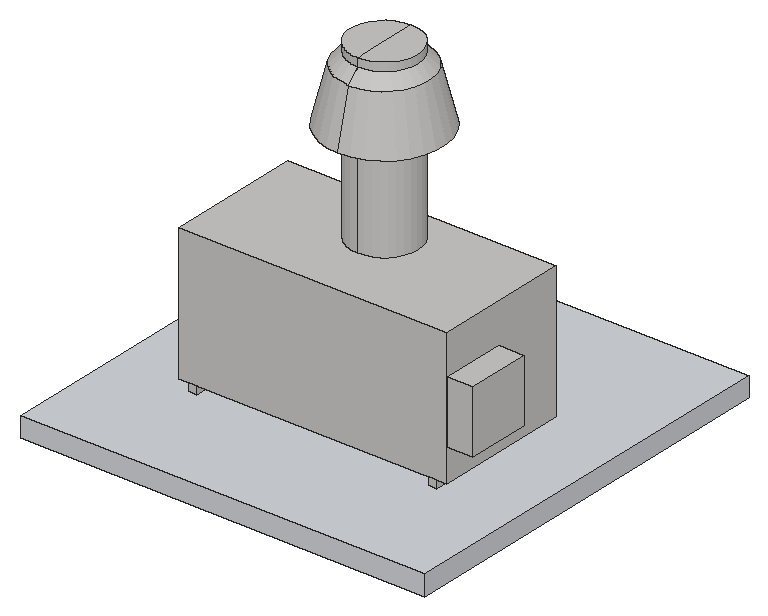
Revit family "DC_Rheem_PLM_Raypak_B1292ID", category Plumbing Fixtures, host Face, Revit 2020
Family settings
  Host = Face
  Round Connector Dimension = Use Radius
  Part Type = Normal
  Cut with Voids When Loaded = No
  Shared = No
  Room Calculation Point = No
Parameters (values of type "Raypak - Gas Water Heater- Indoor - 1289 MJ/h  Natural gas, modulating gas control")
  Width_ANZRS = 825 mm
  URL = "http://www.rheem.com.au/CommercialProducts"
  Type Comments = "Recovery 4902L/h @ 50°C rise\r\n"
  Materials_ANZRS = Raypak - Grey Powder Coated Steel
  PRV_ANZRS = 15 mm
  Model = "B1292NCM/ID\r\n"
  Manufacturer = "Raypak\r\n"
  HotWaterOutlet Radius_ANZRS = 32.5 mm
  HotWaterOutletDiameter_ANZRS = HotWaterOutlet Radius_ANZRS * 2  # 65 mm
  Height_ANZRS = 1915 mm
  GasInletRadius_ANZRS = 20 mm
  GasInletHeight_ANZRS = 410 mm
  GasInletDiameter_ANZRS = GasInletRadius_ANZRS * 2  # 40 mm
  DesignBy_ANZRS = "Design Content ©"
  Description = "Raypak - Gas Water Heater- Indoor - 1289 MJ/h  Natural gas, modulating gas control"
  Default Elevation = 0 mm
  ConnectionHeight_ANZRS = 755 mm
  ColdWaterInletRadius_ANZRS = 32.5 mm
  ColdWaterInletDiameter_ANZRS = ColdWaterInletRadius_ANZRS * 2  # 65 mm
  Box Height_ANZRS = 860 mm
  Author_ANZRS = "DM"
  Assembly Code = ""
Types (5, lengths in mm): name | URL | Type Comments | Model | GasInletRadius_ANZRS | GasInletDiameter_ANZRS | Description
  (no name) | "http://www.rheem.com.au/downloads/PDF/Raypak_Mechanical_Heating_Brochure_July_09.pdf\r\n" | "Recovery 4558L/h @ 50°C rise\r\n" | "B1292PCO/ID\r\n" | 16 | 32 | "Raypak - Gas Water Heater- Indoor - 1186 MJ/h  Propane gas, On/Off gas control\r\n"
  Raypak - Gas Water Heater- Indoor - 1289 MJ/h  Natural gas, modulating gas control | "http://www.rheem.com.au/CommercialProducts" | "Recovery 4902L/h @ 50°C rise\r\n" | "B1292NCM/ID\r\n" | 20 | 40 | "Raypak - Gas Water Heater- Indoor - 1289 MJ/h  Natural gas, modulating gas control"
  Raypak - Gas Water Heater- Indoor - 1289 MJ/h  Natural gas, On/Off gas control | "http://www.rheem.com.au/CommercialProducts" | "Recovery 4902L/h @ 50°C rise\r\n" | "B1292NCO/ID\r\n\r\n" | 20 | 40 | "Raypak - Gas Water Heater- Indoor - 1289 MJ/h  Natural gas, On/Off gas control\r\n"
  Raypak - Gas Water Heater- Indoor - 1186 MJ/h  Propane gas, modulating gas control | "http://www.rheem.com.au/CommercialProducts" | "Recovery 4558L/h @ 50°C rise\r\n" | "B1292PCM/ID\r\n\r\n\r\n" | 10 | 20 | "Raypak - Gas Water Heater- Indoor - 1186 MJ/h  Propane gas, modulating gas control\r\n"
  Raypak - Gas Water Heater- Indoor - 1186 MJ/h  Propane gas, On/Off gas control | "http://www.rheem.com.au/CommercialProducts" | "Recovery 4558L/h @ 50°C rise\r\n" | "B1292PCO/ID\r\n" | 16 | 32 | "Raypak - Gas Water Heater- Indoor - 1186 MJ/h  Propane gas, On/Off gas control\r\n"
Reference planes
  plane 1 "Center (Front/Back)": y = 0
  plane 2: z = 0
  plane 3 "Center (Left/Right)": x = 0
  plane 4 "H1": z = 1915
  plane 5 "H5": z = 860
  plane 6 "CD 1": z = 755
  plane 7 "CD 6": z = 410
  plane 8: y = 285
  plane 9: y = -540
  plane 10 "CD 2": y = 200
  plane 11 "CD 3": y = 130
  plane 12 "CD 4": y = -150
  plane 13 "CD 5": y = -410
  plane 14 "W2": y = 202.5
  plane 15 "W3": y = -202.5
  plane 16: x = -807.5
  plane 17: x = 807.5
  plane 18: x = -857.5
  plane 19 "L1": x = -747.5
  plane 20 "L2": x = -697.5
  plane 21 "L3": x = 697.5
  plane 22 "L4": x = 747.5
  plane 23 "H8": z = 45
  plane 24 "H7": z = 245
  plane 25 "H6": z = 625
  plane 26 "W1": x = 967.5
  plane 27 "H4": z = 1464.364
  plane 28 "H3": z = 1794.164
  plane 29 "H2": z = 1866.464
  plane 30: y = -155
Forms (mm)
  Extrusion 1, solid
    sketch origin (0, 0, 0) x (1, 0, 0) y (0, 1, 0)
      loop
        line (-1219.2, 1219.2) -> (-1219.2, -1219.2) -> (1219.2, -1219.2) -> (1219.2, 1219.2) -> (-1219.2, 1219.2)
    from 0 to -120
  Extrusion 2, solid, material "Raypak - Grey Powder Coated Steel" <- "Materials_ANZRS"
    sketch origin (0, 0, 0) x (1, 0, 0) y (0, 1, 0)
      loop
        line (-807.5, 285) -> (-807.5, -540) -> (807.5, -540) -> (807.5, 285) -> (-807.5, 285)
    from 45 to 860
  Revolve 3, solid, material "Raypak - Grey Powder Coated Steel" <- "Materials_ANZRS"
    sketch origin (0, 0, 105) x (0, 1, 0) y (0, 0, 1)
      loop
        line (0, 1810) -> (-202.5, 1810) -> (-202.5, 1761.464) -> (-266.851, 1689.164) -> (-349.003, 1359.364) -> (-202.5, 1359.364) -> (-202.5, 755) -> (0, 755) -> (0, 1810)
      axis (0, 1810) -> (0, 755)
    angle from 0 to 360
  Extrusion 4, void
    sketch origin (0, 0, 0) x (0, 1, 0) y (0, 0, 1)
      loop
        circle (200, 755) r 15
      loop
        circle (130, 755) r 32.5
      loop
        circle (-150, 755) r 32.5
    from -807.5 to -795.01
  Extrusion 5, solid, material "Raypak - Grey Powder Coated Steel" <- "Materials_ANZRS"
    sketch origin (0, 0, 0) x (0, 1, 0) y (0, 0, 1)
      loop
        circle (-410, 410) r 20
    from -857.5 to -807.5
  Extrusion 6, solid, material "Raypak - Grey Powder Coated Steel" <- "Materials_ANZRS"
    sketch origin (0, 0, 0) x (1, 0, 0) y (0, 0, 1)
      loop
        line (-697.5, 0) -> (-697.5, 45) -> (-747.5, 45) -> (-747.5, 0) -> (-697.5, 0)
      loop
        line (747.5, 0) -> (747.5, 45) -> (697.5, 45) -> (697.5, 0) -> (747.5, 0)
    from -285 to 540
  Extrusion 7, solid, material "Raypak - Grey Powder Coated Steel" <- "Materials_ANZRS"
    sketch origin (0, 0, 0) x (1, 0, 0) y (0, 0, 1)
      loop
        line (807.5, 625) -> (807.5, 245) -> (967.5, 245) -> (967.5, 625) -> (807.5, 625)
    from 155 to 540
Cuts and joins
  Extrusion 4 cuts Extrusion 2
Lines and regions (mm)
  Masking region 1
    outline origin (0, 0, 0) x (1, 0, 0) y (0, 1, 0)
      loop
        line (-807.5, -540) -> (807.5, -540) -> (967.5, -540) -> (967.5, -155) -> (807.5, -155) -> (807.5, 285) -> (201.441, 285)
        arc (201.441, 285) -> (105.682, 332.618) -> (0, 349.003) r 349.003
        arc (0, 349.003) -> (-105.682, 332.618) -> (-201.441, 285) r 349.003
        line (-201.441, 285) -> (-807.5, 285) -> (-807.5, -540)
  Masking region 2
    outline origin (0, 0, 0) x (0, 1, 0) y (0, 0, 1)
      loop
        line (-202.5, 1915) -> (-202.5, 1866.464) -> (-266.851, 1794.164) -> (-349.079, 1464.364) -> (-202.5, 1464.364) -> (-202.5, 860) -> (-540, 860) -> (-540, 0) -> (285, 0) -> (285, 860) -> (202.5, 860) -> (202.5, 1464.364) -> (349.079, 1464.364) -> (266.851, 1794.164) -> (202.5, 1866.464) -> (202.5, 1915) -> (-202.5, 1915)
  Masking region 3
    outline origin (0, 0, 0) x (1, 0, 0) y (0, 0, 1)
      loop
        line (-202.5, 1915) -> (-202.5, 1866.464) -> (-266.851, 1794.164) -> (-349.079, 1464.364) -> (-202.039, 1464.364) -> (-202.039, 860) -> (-807.5, 860) -> (-807.5, 45) -> (-747.5, 45) -> (-747.5, 0) -> (-697.5, 0) -> (-697.5, 45) -> (697.5, 45) -> (697.5, 0) -> (747.5, 0) -> (747.5, 45) -> (807.5, 45) -> (807.5, 245) -> (967.5, 245) -> (967.5, 625) -> (807.5, 625) -> (807.5, 860) -> (204.539, 860) -> (204.539, 1464.364) -> (349.079, 1464.364) -> (266.851, 1794.164) -> (203.249, 1866.464) -> (203.249, 1915) -> (0, 1915) -> (-202.5, 1915)
  symbolic lines, style "Rheem Raypak", detail levels fine
    curve 1: line (0, 285, 0) -> (0, 285, 860)
    curve 2: line (0, 285, 860) -> (0, -540, 860)
    curve 3: line (0, -540, 860) -> (0, -540, 0)
    curve 4: line (0, -349.079, 1464.364) -> (0, 349.079, 1464.364)
    curve 5: line (0, -202.5, 1915) -> (0, 202.5, 1915)
    curve 6: line (0, 266.851, 1794.164) -> (0, -266.851, 1794.164)
    curve 7: line (0, 202.5, 1866.464) -> (0, -202.5, 1866.464)
    curve 8: arc (0, 97.5, 755) -> (0, 130, 722.5) -> (0, 162.5, 755) r 32.5
    curve 9: arc (0, 162.5, 755) -> (0, 130, 787.5) -> (0, 97.5, 755) r 32.5
    curve 10: arc (0, 185, 755) -> (0, 200, 740) -> (0, 215, 755) r 15
    curve 11: arc (0, 215, 755) -> (0, 200, 770) -> (0, 185, 755) r 15
    curve 12: arc (0, -182.5, 755) -> (0, -150, 722.5) -> (0, -117.5, 755) r 32.5
    curve 13: arc (0, -117.5, 755) -> (0, -150, 787.5) -> (0, -182.5, 755) r 32.5
    curve 14: arc (0, -390, 410) -> (0, -410, 390) -> (0, -430, 410) r 20
    curve 15: arc (0, -430, 410) -> (0, -410, 430) -> (0, -390, 410) r 20
    curve 16: line (0, 349.079, 1464.364) -> (0, 266.851, 1794.164)
    curve 17: line (0, -266.851, 1794.164) -> (0, -349.079, 1464.364)
    curve 18: line (0, 202.5, 1866.464) -> (0, 266.851, 1794.164)
    curve 19: line (0, -266.851, 1794.164) -> (0, -202.5, 1866.464)
    curve 20: line (0, -540, 45) -> (0, 285, 45)
    curve 21: line (0, -540, 0) -> (0, 285, 0)
    curve 22: line (-202.5, 0, 1915) -> (203.249, 0, 1915)
    curve 23: line (-202.5, 0, 1866.464) -> (203.249, 0, 1866.464)
    curve 24: line (-266.851, 0, 1794.164) -> (266.851, 0, 1794.164)
    curve 25: line (-349.079, 0, 1464.364) -> (349.079, 0, 1464.364)
    curve 26: line (807.5, 0, 860) -> (-807.5, 0, 860)
    curve 27: line (-807.5, 0, 45) -> (807.5, 0, 45)
    curve 28: line (697.5, 0, 0) -> (747.5, 0, 0)
    curve 29: line (-747.5, 0, 0) -> (-697.5, 0, 0)
    curve 30: line (967.5, 0, 625) -> (807.5, 0, 625)
    curve 31: line (807.5, 0, 245) -> (967.5, 0, 245)
    curve 32: line (967.5, 0, 245) -> (967.5, 0, 625)
    curve 33: line (204.539, 0, 1464.364) -> (204.539, 0, 860)
    curve 34: line (349.079, 0, 1464.364) -> (266.851, 0, 1794.164)
    curve 35: line (203.249, 0, 1915) -> (203.249, 0, 1866.464)
    curve 36: line (-202.5, 0, 1915) -> (-202.5, 0, 1866.464)
    curve 37: line (-349.079, 0, 1464.364) -> (-266.851, 0, 1794.164)
    curve 38: line (-202.039, 0, 1464.364) -> (-202.039, 0, 860)
    curve 39: line (-747.5, 0, 45) -> (-747.5, 0, 0)
    curve 40: line (-697.5, 0, 0) -> (-697.5, 0, 45)
    curve 41: line (747.5, 0, 0) -> (747.5, 0, 45)
    curve 42: line (697.5, 0, 45) -> (697.5, 0, 0)
    curve 43: line (-857.5, 0, 425) -> (-857.5, 0, 395)
    curve 44: line (-857.5, 0, 425) -> (-807.5, 0, 425)
    curve 45: line (-857.5, 0, 395) -> (-807.5, 0, 395)
    curve 46: arc (0, -349.003, 0) -> (349.003, 0, 0) -> (0, 349.003, 0) r 349.003
    curve 47: arc (0, 349.003, 0) -> (-349.003, 0, 0) -> (0, -349.003, 0) r 349.003
    curve 48: arc (0, -202.5, 0) -> (-202.5, 0, 0) -> (0, 202.5, 0) r 202.5
    curve 49: arc (0, -266.851, 0) -> (-266.851, 0, 0) -> (0, 266.851, 0) r 266.851
    curve 50: arc (0, 202.5, 0) -> (202.5, 0, 0) -> (0, -202.5, 0) r 202.5
    curve 51: arc (0, 266.851, 0) -> (266.851, 0, 0) -> (0, -266.851, 0) r 266.851
    curve 52: line (807.5, 285, 0) -> (201.441, 285, 0)
    curve 53: line (-807.5, 285, 0) -> (-807.5, -540, 0)
    curve 54: line (-807.5, -540, 0) -> (807.5, -540, 0)
    curve 55: line (807.5, -540, 0) -> (807.5, 285, 0)
    curve 56: line (967.5, -540, 0) -> (967.5, -155, 0)
    curve 57: line (967.5, -155, 0) -> (807.5, -155, 0)
    curve 58: line (807.5, -540, 0) -> (967.5, -540, 0)
    curve 59: line (-857.5, -395, 0) -> (-857.5, -425, 0)
    curve 60: line (-857.5, -395, 0) -> (-807.5, -395, 0)
    curve 61: line (-857.5, -425, 0) -> (-807.5, -425, 0)
    curve 62: line (0, 202.5, 1915) -> (0, 202.5, 1866.464)
    curve 63: line (0, -202.5, 1915) -> (0, -202.5, 1866.464)
    curve 64: line (0, 202.5, 1464.364) -> (0, 202.5, 860)
    curve 65: line (0, -202.5, 1464.364) -> (0, -202.5, 860)
    curve 66: line (-807.5, 0, 860) -> (-807.5, 0, 45)
    curve 67: line (807.5, 0, 45) -> (807.5, 0, 860)
    curve 68: line (-201.441, 285, 0) -> (-807.5, 285, 0)
  symbolic lines, style "Rheem Raypak"
    curve 69: line (-266.851, 0, 1794.164) -> (-202.5, 0, 1866.464)
    curve 70: line (203.249, 0, 1866.464) -> (266.851, 0, 1794.164)
Dimensions and locks
  "Height_ANZRS": plane 4 "H1" to level
  "Box Height_ANZRS": plane 5 "H5" to level
  "ConnectionHeight_ANZRS": plane 6 "CD 1" to Extrusion 1
  "GasInletHeight_ANZRS": plane 7 "CD 6" to level
  plane 8 to plane 9 = 825 mm
  plane 8 to plane 10 "CD 2" = 85 mm
  plane 8 to plane 11 "CD 3" = 155 mm
  plane 11 "CD 3" to plane 12 "CD 4" = 280 mm
  plane 13 "CD 5" to plane 9 = 130 mm
  plane 1 "Center (Front/Back)" to plane 9 = 540 mm
  locked: plane 19 "L1" to plane 16 at 60
  locked: plane 20 "L2" to plane 19 "L1" at 50
  locked: plane 17 to plane 22 "L4" at 60
  locked: plane 22 "L4" to plane 21 "L3" at 50
  plane 23 "H8" to level = 45 mm
  plane 24 "H7" to level = 245 mm
  locked: plane 25 "H6" to plane 24 "H7" at 380
  locked: plane 17 to plane 26 "W1" at 160
  plane 4 "H1" to plane 29 "H2" to plane 28 "H3" to plane 27 "H4" = 48.536 mm locked, 72.3 mm locked, 329.8 mm locked
  plane 14 "W2" to plane 15 "W3" = 405 mm
  plane 17 to plane 16 = 1615 mm
  locked: plane 16 to plane 18 at 50
  equal spacing: plane 17, plane 3 "Center (Left/Right)", plane 16
  "GasInletRadius_ANZRS": radius of Extrusion 5 sketch curve
  "HotWaterOutlet Radius_ANZRS": radius of Extrusion 4 sketch curve
  "ColdWaterInletRadius_ANZRS": radius of Extrusion 4 sketch curve
  "PRV_ANZRS": radius of Extrusion 4 sketch curve
  aligned and locked: plane 2 to Extrusion 1
  aligned and locked: level to Extrusion 1
  aligned and locked: plane 8 to Extrusion 2 sketch curve
  aligned and locked: plane 16 to Extrusion 2 sketch curve
  aligned and locked: plane 9 to Extrusion 2 sketch curve
  aligned and locked: plane 17 to Extrusion 2 sketch curve
  aligned and locked: plane 5 "H5" to Extrusion 2
  aligned and locked: Revolve 3 sketch curve to plane 1 "Center (Front/Back)"
  aligned and locked: plane 11 "CD 3" to Extrusion 4 sketch curve
  aligned and locked: plane 10 "CD 2" to Extrusion 4 sketch curve
  aligned and locked: plane 6 "CD 1" to Extrusion 4 sketch curve  (x3)
  aligned and locked: Extrusion 4 to plane 16
  aligned and locked: plane 7 "CD 6" to Extrusion 5 sketch curve
  aligned and locked: plane 13 "CD 5" to Extrusion 5 sketch curve
  aligned and locked: plane 16 to Extrusion 5
  aligned and locked: Extrusion 5 to plane 18
  aligned and locked: Extrusion 2 to plane 23 "H8"
  aligned and locked: level to Extrusion 6 sketch curve  (x2)
  aligned and locked: Extrusion 6 sketch curve to plane 20 "L2"
  aligned and locked: Extrusion 6 sketch curve to plane 23 "H8"  (x2)
  aligned and locked: plane 19 "L1" to Extrusion 6 sketch curve
  aligned and locked: Extrusion 6 sketch curve to plane 22 "L4"
  aligned and locked: plane 21 "L3" to Extrusion 6 sketch curve
  aligned and locked: Extrusion 6 to plane 8
  aligned and locked: Extrusion 6 to plane 9
  aligned and locked: Extrusion 7 sketch curve to plane 25 "H6"
  aligned and locked: Extrusion 7 sketch curve to plane 26 "W1"
  aligned and locked: Extrusion 7 sketch curve to plane 24 "H7"
  aligned and locked: cut or joined group of Extrusion 2, Extrusion 4 to Extrusion 7 sketch curve
  aligned and locked: Extrusion 7 to plane 9
  aligned and locked: plane 12 "CD 4" to Extrusion 4 sketch curve
  aligned and locked: Revolve 3 sketch curve to plane 4 "H1"
  aligned and locked: plane 5 "H5" to Revolve 3 sketch curve
  aligned and locked: plane 27 "H4" to Revolve 3 sketch curve
  aligned and locked: plane 29 "H2" to Revolve 3 sketch curve
  aligned and locked: curve 1 to cut or joined group of Extrusion 2, Extrusion 4
  aligned and locked: curve 2 to cut or joined group of Extrusion 2, Extrusion 4
  aligned and locked: curve 3 to cut or joined group of Extrusion 2, Extrusion 4
  aligned and locked: curve 4 to Revolve 3
  aligned and locked: Revolve 3 to curve 5
  aligned and locked: curve 6 to Revolve 3
  aligned and locked: Revolve 3 to curve 7
  aligned and locked: curve 8 to cut or joined group of Extrusion 2, Extrusion 4
  aligned and locked: curve 9 to cut or joined group of Extrusion 2, Extrusion 4
  aligned and locked: curve 10 to cut or joined group of Extrusion 2, Extrusion 4
  aligned and locked: curve 11 to cut or joined group of Extrusion 2, Extrusion 4
  aligned and locked: curve 12 to cut or joined group of Extrusion 2, Extrusion 4
  aligned and locked: curve 13 to cut or joined group of Extrusion 2, Extrusion 4
  aligned and locked: curve 14 to Extrusion 5
  aligned and locked: curve 15 to Extrusion 5
  aligned: Revolve 3 to curve 17
  aligned and locked: Revolve 3 to curve 19
  aligned and locked: curve 20 to cut or joined group of Extrusion 2, Extrusion 4
  aligned and locked: curve 21 to Extrusion 6
  aligned and locked: curve 22 to Revolve 3
  aligned and locked: curve 23 to plane 29 "H2"
  aligned and locked: curve 24 to plane 28 "H3"
  aligned and locked: curve 25 to Revolve 3
  aligned and locked: curve 26 to cut or joined group of Extrusion 2, Extrusion 4
  aligned and locked: curve 27 to cut or joined group of Extrusion 2, Extrusion 4
  aligned and locked: curve 28 to Extrusion 6
  aligned and locked: curve 29 to Extrusion 6
  aligned and locked: curve 30 to Extrusion 7
  aligned and locked: curve 31 to Extrusion 7
  aligned and locked: curve 32 to Extrusion 7
  aligned and locked: plane 5 "H5" to curve 38
  aligned and locked: plane 27 "H4" to curve 38
  aligned and locked: curve 39 to Extrusion 6
  aligned and locked: curve 40 to Extrusion 6
  aligned and locked: curve 41 to Extrusion 6
  aligned and locked: curve 42 to Extrusion 6
  aligned and locked: Extrusion 5 to curve 43
  aligned and locked: curve 46 to Revolve 3
  aligned and locked: curve 47 to Revolve 3
  aligned and locked: curve 48 to Revolve 3
  aligned and locked: curve 49 to Revolve 3
  aligned and locked: curve 50 to Revolve 3
  aligned and locked: curve 51 to Revolve 3
  aligned and locked: curve 52 to cut or joined group of Extrusion 2, Extrusion 4
  aligned and locked: curve 53 to cut or joined group of Extrusion 2, Extrusion 4
  aligned and locked: curve 54 to cut or joined group of Extrusion 2, Extrusion 4
  aligned and locked: curve 55 to cut or joined group of Extrusion 2, Extrusion 4
  aligned and locked: curve 56 to Extrusion 7
  aligned and locked: curve 57 to Extrusion 7
  aligned and locked: curve 58 to Extrusion 7
  aligned and locked: Extrusion 5 to curve 59
  aligned: curve 62 to Revolve 3
  aligned: curve 63 to Revolve 3
  aligned and locked: plane 14 "W2" to curve 64
  aligned and locked: curve 65 to plane 15 "W3"
  aligned and locked: Masking region 1 sketch curve to curve 54
  aligned and locked: Masking region 1 sketch curve to curve 58
  aligned and locked: Masking region 1 sketch curve to curve 56
  aligned and locked: curve 55 to Masking region 1 sketch curve
  aligned and locked: Masking region 1 sketch curve to curve 52
  aligned and locked: Masking region 1 sketch curve to curve 47
  aligned and locked: Masking region 1 sketch curve to curve 46
  aligned and locked: Masking region 1 sketch curve to curve 68
  aligned and locked: Masking region 1 sketch curve to curve 53
  aligned and locked: plane 28 "H3" to Revolve 3 sketch curve
  aligned and locked: plane 15 "W3" to Revolve 3 sketch curve
  aligned and locked: Masking region 2 sketch curve to curve 5
  aligned and locked: Masking region 2 sketch curve to curve 62
  aligned and locked: Masking region 2 sketch curve to curve 18
  aligned and locked: Masking region 2 sketch curve to curve 16
  aligned and locked: Masking region 2 sketch curve to curve 4
  aligned and locked: Masking region 2 sketch curve to curve 17
  aligned and locked: Masking region 2 sketch curve to curve 19
  aligned and locked: Masking region 2 sketch curve to curve 63
  aligned and locked: Masking region 2 sketch curve to curve 64
  aligned and locked: Masking region 2 sketch curve to curve 65
  aligned and locked: Masking region 2 sketch curve to curve 1
  aligned and locked: Masking region 2 sketch curve to curve 2
  aligned and locked: Masking region 2 sketch curve to curve 3
  aligned and locked: Masking region 2 sketch curve to curve 21
  aligned and locked: Masking region 3 sketch curve to Revolve 3  (x3)
  aligned and locked: Masking region 3 sketch curve to curve 36
  aligned and locked: Masking region 3 sketch curve to curve 69
  aligned and locked: Masking region 3 sketch curve to curve 37
  aligned and locked: Masking region 3 sketch curve to curve 38
  aligned and locked: Masking region 3 sketch curve to cut or joined group of Extrusion 2, Extrusion 4  (x4)
  aligned and locked: Masking region 3 sketch curve to Extrusion 6  (x6)
  aligned and locked: Masking region 3 sketch curve to Extrusion 7  (x3)
  aligned and locked: Masking region 3 sketch curve to curve 33
  aligned and locked: Revolve 3 to Masking region 3 sketch curve
  aligned and locked: Masking region 3 sketch curve to curve 34
  aligned and locked: Masking region 3 sketch curve to curve 70
  aligned and locked: Masking region 3 sketch curve to curve 35
  aligned and locked: plane 30 to Masking region 1 sketch curve
  aligned and locked: plane 30 to curve 57
Automatic sketch dimensions
  Extrusion 1 sketch curve to Extrusion 1 sketch curve = 2438.4 mm  (x2)
  Revolve 3 sketch curve to plane 1 "Center (Front/Back)" = 0 mm
  Revolve 3 sketch curve to plane 13 "CD 5" = 60.997 mm
  Revolve 3 sketch curve to Revolve 3 sketch curve = 310 mm
  Revolve 3 sketch curve to Revolve 3 sketch curve = 130 mm
  Revolve 3 sketch curve to plane 15 "W3" = 0 mm
  Revolve 3 sketch curve to plane 15 "W3" = 64.351 mm
  curve 20 to plane 9 = 0 mm
  curve 17 to plane 27 "H4" = 0 mm
  curve 7 to plane 15 "W3" = 0 mm
  curve 18 to plane 14 "W2" = 0 mm
  curve 16 to plane 28 "H3" = 0 mm
  curve 1 to level = 0 mm
  curve 1 to plane 8 = 0 mm
  curve 65 to plane 5 "H5" = 0 mm
  curve 19 to plane 29 "H2" = 0 mm
  curve 5 to plane 4 "H1" = 0 mm
  curve 17 to plane 13 "CD 5" = 60.921 mm
  curve 6 to plane 15 "W3" = 64.351 mm
  plane 8 to curve 16 = 18.149 mm
  curve 4 to plane 8 = 64.079 mm
  Masking region 2 sketch curve to plane 27 "H4" = 0 mm
  Masking region 2 sketch curve to plane 5 "H5" = 0 mm
  Masking region 3 sketch curve to plane 3 "Center (Left/Right)" = 0 mm
  Masking region 3 sketch curve to plane 29 "H2" = 0 mm
  Masking region 3 sketch curve to plane 27 "H4" = 0 mm
  Masking region 3 sketch curve to plane 5 "H5" = 0 mm
  plane 17 to Masking region 3 sketch curve = 0 mm
  Masking region 3 sketch curve to plane 23 "H8" = 0 mm  (x2)
  curve 43 to plane 18 = 0 mm
  curve 27 to plane 16 = 0 mm
  curve 39 to plane 19 "L1" = 0 mm
  curve 40 to level = 0 mm
  curve 40 to plane 20 "L2" = 0 mm
  curve 22 to plane 4 "H1" = 0 mm
  curve 42 to plane 21 "L3" = 0 mm
  curve 28 to level = 0 mm
  curve 28 to plane 22 "L4" = 0 mm
  plane 17 to curve 27 = 0 mm
  curve 32 to plane 25 "H6" = 0 mm
  curve 32 to plane 26 "W1" = 0 mm
  curve 42 to plane 23 "H8" = 0 mm
  curve 31 to plane 24 "H7" = 0 mm
  plane 20 "L2" to curve 25 = 348.421 mm
  curve 69 to plane 3 "Center (Left/Right)" = 266.851 mm
  curve 24 to curve 69 = 64.351 mm
  curve 38 to plane 3 "Center (Left/Right)" = 202.039 mm
  plane 3 "Center (Left/Right)" to curve 70 = 203.249 mm
  plane 3 "Center (Left/Right)" to curve 33 = 204.539 mm
  curve 23 to curve 34 = 63.602 mm
  curve 33 to curve 34 = 144.539 mm
  curve 45 to plane 7 "CD 6" = 15 mm
  plane 7 "CD 6" to curve 44 = 15 mm
  Masking region 1 sketch curve to plane 17 = 0 mm
  curve 59 to plane 18 = 0 mm
  curve 60 to plane 16 = 0 mm
  plane 8 to curve 68 = 0 mm
  plane 8 to curve 52 = 0 mm
  curve 52 to plane 17 = 0 mm
  curve 57 to plane 26 "W1" = 0 mm
  curve 54 to plane 9 = 0 mm
  plane 13 "CD 5" to curve 61 = 15 mm
  curve 59 to plane 13 "CD 5" = 15 mm
Connectors
  piping at (-857.5, -410, 410), diameter 40, driven by "GasInletRadius_ANZRS"
    settings: on Extrusion 5, index 3, connector inside diameter 1.25984", connector length 0 mm, flow factor 0, pipe flow 0 GPM, pressure drop 0.00 psi, fitting loss kfactor 0, connector angle 0.00°, fixture units 0, engagement length 0 mm, angle of deflection 0.00°, flow configuration 1, flow direction 1, fitting loss method 0, system type 22, joint type 0, gender type 0, connector reference index -1, connector utility 0, adjustable connector no, is connector primary yes, connector description "Gas"
  piping at (-807.5, 130, 755), diameter 65, driven by "HotWaterOutlet Radius_ANZRS"
    settings: on cut or joined group of Extrusion 2, Extrusion 4, index 4, connector inside diameter 2.55906", connector length 0 mm, flow factor 0, pipe flow 0 GPM, pressure drop 0.00 psi, fitting loss kfactor 0, connector angle 0.00°, fixture units 0, engagement length 0 mm, angle of deflection 0.00°, flow configuration 1, flow direction 2, fitting loss method 0, system type 19, joint type 0, gender type 0, connector reference index -1, connector utility 0, adjustable connector no, is connector primary no, connector description ""
  piping at (-807.5, -150, 755), diameter 65, driven by "ColdWaterInletRadius_ANZRS"
    settings: on cut or joined group of Extrusion 2, Extrusion 4, index 5, connector inside diameter 2.55906", connector length 0 mm, flow factor 0, pipe flow 0 GPM, pressure drop 0.00 psi, fitting loss kfactor 0, connector angle 0.00°, fixture units 0, engagement length 0 mm, angle of deflection 0.00°, flow configuration 1, flow direction 1, fitting loss method 0, system type 20, joint type 0, gender type 0, connector reference index -1, connector utility 0, adjustable connector no, is connector primary no, connector description ""
  piping at (-807.5, 200, 755), diameter 30
    settings: on cut or joined group of Extrusion 2, Extrusion 4, index 6, connector inside diameter 1.1811", connector length 0 mm, flow factor 0, pipe flow 0 GPM, pressure drop 0.00 psi, fitting loss kfactor 0, connector angle 0.00°, fixture units 0, engagement length 0 mm, angle of deflection 0.00°, flow configuration 1, flow direction 2, fitting loss method 0, system type 22, joint type 0, gender type 0, connector reference index -1, connector utility 0, adjustable connector no, is connector primary no, connector description "PRV"
